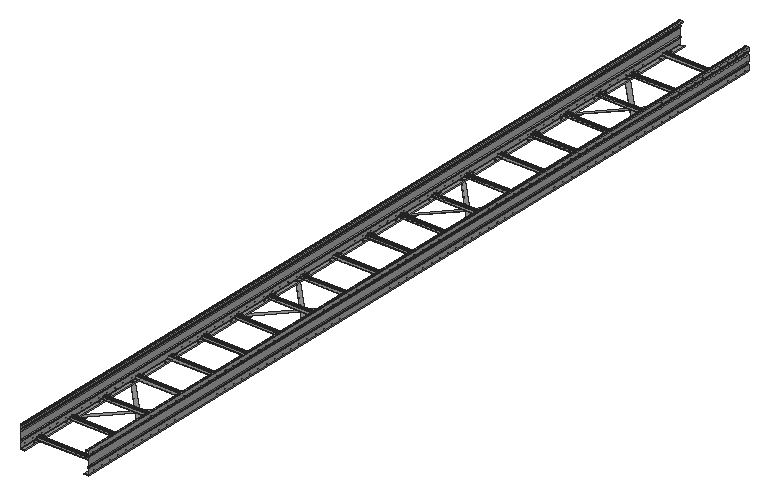
Revit family "Weitspannkabelleiter-WKLG 1650gelochter Seitenholm, FS,FT,FT SO,A4", category Generic Models, Revit 2017
Family settings
  Can host rebar = No
  Round Connector Dimension = Use Diameter
  Part Type = Normal
  Work Plane-Based = No
  Always vertical = Yes
  Cut with Voids When Loaded = No
  Shared = No
  Room Calculation Point = No
Parameters (values of type "WKLG 1650 FT")
  Width 1 = 500 mm / 2  # 250 mm
  Width = 500 mm
  URL = "http://www.obo-bettermann.com"
  Material = Hot-dip galvanised
  Manufacturer Art.No. = "6227155"
  Manufacturer = "OBO Bettermann"
  Length = 6000 mm
  Height 1 = 2 mm
  Height = 160 mm
  GTIN = "4012196169573"
  Cut's space 3 = 1500 mm
  Cut's space 2 = 300 mm
  Cut's space = 75 mm
  Cut's number 3 = Length / Cut's space 3  # 4
  Cut's number 2 = Length / Cut's space 2  # 20
  Cut's number = Length / Cut's space  # 80
  Article Type = "WKLG 1650 FT"
Reference planes
  plane 1 "Center (Front/Back)": y = 0
  plane 2: z = 0
  plane 3 "Center (Left/Right)": x = 0
  plane 4: z = 160
  plane 5: z = 122
  plane 6: z = 52
  plane 7: z = 122
  plane 8: z = 52
  plane 9: z = 64
  plane 10: z = 44.553
  plane 11: z = 159.999
  plane 12: y = 37.5
  plane 13: z = 139.999
  plane 14: z = 20
  plane 15: x = 248
  plane 16: x = 248
  plane 17: x = 248
  plane 18: x = 248
  plane 19: z = 15.499
  plane 20: z = 135.499
  plane 21: z = 135.499
  plane 22: z = 135.499
  plane 23: z = 135.499
  plane 24: z = 135.499
  plane 25: z = 135.499
  plane 26: z = 135.499
  plane 27: z = 135.499
  plane 28: z = 135.499
  plane 29: z = 135.499
  plane 30: z = 135.499
  plane 31: z = 135.499
  plane 32: z = 135.499
  plane 33: z = 135.499
  plane 34: z = 135.499
  plane 35: z = 135.499
  plane 36: z = 135.499
  plane 37: z = 135.499
  plane 38: z = 135.499
  plane 39: z = 135.499
  plane 40: z = 135.499
  plane 41: z = 135.499
  plane 42: z = 135.499
  plane 43: z = 135.499
  plane 44: z = 135.499
  plane 45: z = 135.499
  plane 46: z = 135.499
  plane 47: z = 135.499
  plane 48: z = 135.499
  plane 49: z = 135.499
  plane 50: z = 135.499
  plane 51: z = 135.499
  plane 52: z = 135.499
  plane 53: z = 135.499
  plane 54: z = 135.499
  plane 55: z = 135.499
  plane 56: z = 135.499
  plane 57: z = 135.499
  plane 58: z = 135.499
  plane 59: z = 135.499
  plane 60: z = 135.499
  plane 61: z = 135.499
  plane 62: z = 135.499
  plane 63: z = 135.499
  plane 64: z = 135.499
  plane 65: z = 135.499
  plane 66: z = 135.499
  plane 67: z = 135.499
  plane 68: z = 135.499
  plane 69: z = 135.499
  plane 70: z = 135.499
  plane 71: z = 135.499
  plane 72: z = 135.499
  plane 73: z = 135.499
  plane 74: z = 135.499
  plane 75: z = 135.499
  plane 76: z = 135.499
  plane 77: z = 135.499
  plane 78: z = 135.499
  plane 79: z = 135.499
  plane 80: z = 135.499
  plane 81: z = 135.499
  plane 82: z = 135.499
  plane 83: z = 135.499
  plane 84: z = 135.499
  plane 85: z = 135.499
  plane 86: z = 135.499
  plane 87: z = 135.499
  plane 88: z = 135.499
  plane 89: z = 135.499
  plane 90: z = 135.499
  plane 91: z = 135.499
  plane 92: z = 135.499
  plane 93: z = 135.499
  plane 94: z = 135.499
  plane 95: z = 135.499
  plane 96: z = 135.499
  plane 97: z = 135.499
  plane 98: z = 135.499
  plane 99: z = 135.499
  plane 100: z = 15.499
  plane 101: z = 15.499
  plane 102: z = 15.499
  plane 103: z = 15.499
  plane 104: z = 15.499
  plane 105: z = 15.499
  plane 106: z = 15.499
  plane 107: z = 15.499
  plane 108: z = 15.499
  plane 109: z = 15.499
  plane 110: z = 15.499
  plane 111: z = 15.499
  plane 112: z = 15.499
  plane 113: z = 15.499
  plane 114: z = 15.499
  plane 115: z = 15.499
  plane 116: z = 15.499
  plane 117: z = 15.499
  plane 118: z = 15.499
  plane 119: z = 15.499
  plane 120: z = 15.499
  plane 121: z = 15.499
  plane 122: z = 15.499
  plane 123: z = 15.499
  plane 124: z = 15.499
  plane 125: z = 15.499
  plane 126: z = 15.499
  plane 127: z = 15.499
  plane 128: z = 15.499
  plane 129: z = 15.499
  plane 130: z = 15.499
  plane 131: z = 15.499
  plane 132: z = 15.499
  plane 133: z = 15.499
  plane 134: z = 15.499
  plane 135: z = 15.499
  plane 136: z = 15.499
  plane 137: z = 15.499
  plane 138: z = 15.499
  plane 139: z = 15.499
  plane 140: z = 15.499
  plane 141: z = 15.499
  plane 142: z = 15.499
  plane 143: z = 15.499
  plane 144: z = 15.499
  plane 145: z = 15.499
  plane 146: z = 15.499
  plane 147: z = 15.499
  plane 148: z = 15.499
  plane 149: z = 15.499
  plane 150: z = 15.499
  plane 151: z = 15.499
  plane 152: z = 15.499
  plane 153: z = 15.499
  plane 154: z = 15.499
  plane 155: z = 15.499
  plane 156: z = 15.499
  plane 157: z = 15.499
  plane 158: z = 15.499
  plane 159: z = 15.499
  plane 160: z = 15.499
  plane 161: z = 15.499
  plane 162: z = 15.499
  plane 163: z = 15.499
  plane 164: z = 15.499
  plane 165: z = 15.499
  plane 166: z = 15.499
  plane 167: z = 15.499
  plane 168: z = 15.499
  plane 169: z = 15.499
  plane 170: z = 15.499
  plane 171: z = 15.499
  plane 172: z = 15.499
  plane 173: z = 15.499
  plane 174: z = 15.499
  plane 175: z = 15.499
  plane 176: z = 15.499
  plane 177: z = 15.499
  plane 178: z = 15.499
  plane 179: y = 150.088
  plane 180: y = 450.088
  plane 181: z = 20
  plane 182: x = 250
  plane 183: x = 272.826
  plane 184: y = 100.088
  plane 185: y = 200.088
  plane 186: x = -232
  plane 187: x = -234.5
  plane 188: x = -229.5
  plane 189: x = -234.5
  plane 190: x = -234.5
  plane 191: x = -234.5
  plane 192: x = -234.5
  plane 193: x = -234.5
  plane 194: x = -234.5
  plane 195: x = -234.5
  plane 196: x = -234.5
  plane 197: x = -234.5
  plane 198: x = -234.5
  plane 199: x = -234.5
  plane 200: x = -234.5
  plane 201: x = -234.5
  plane 202: x = -234.5
  plane 203: x = -234.5
  plane 204: x = -234.5
  plane 205: x = -234.5
  plane 206: x = -234.5
  plane 207: x = -234.5
  plane 208: y = 100.088
  plane 209: x = 232
  plane 210: x = 234.5
  plane 211: x = 234.5
  plane 212: x = 234.5
  plane 213: x = 234.5
  plane 214: x = 234.5
  plane 215: x = 234.5
  plane 216: x = 234.5
  plane 217: x = 234.5
  plane 218: x = 234.5
  plane 219: x = 234.5
  plane 220: x = 234.5
  plane 221: x = 234.5
  plane 222: x = 234.5
  plane 223: x = 234.5
  plane 224: x = 234.5
  plane 225: x = 234.5
  plane 226: x = 234.5
  plane 227: x = 234.5
  plane 228: x = 234.5
  plane 229: x = 234.5
  plane 230: x = -232
  plane 231: x = -234.5
  plane 232: x = -234.5
  plane 233: x = -234.5
  plane 234: x = -234.5
  plane 235: x = -234.5
  plane 236: x = -234.5
  plane 237: x = -234.5
  plane 238: x = -234.5
  plane 239: x = -234.5
  plane 240: x = -234.5
  plane 241: x = -234.5
  plane 242: x = -234.5
  plane 243: x = -234.5
  plane 244: x = -234.5
  plane 245: x = -234.5
  plane 246: x = -234.5
  plane 247: x = -234.5
  plane 248: x = -234.5
  plane 249: x = -234.5
  plane 250: x = -234.5
  plane 251: y = 200.088
  plane 252: x = 232
  plane 253: x = 234.5
  plane 254: x = 234.5
  plane 255: x = 234.5
  plane 256: x = 234.5
  plane 257: x = 234.5
  plane 258: x = 234.5
  plane 259: x = 234.5
  plane 260: x = 234.5
  plane 261: x = 234.5
  plane 262: x = 234.5
  plane 263: x = 234.5
  plane 264: x = 234.5
  plane 265: x = 234.5
  plane 266: x = 234.5
  plane 267: x = 234.5
  plane 268: x = 234.5
  plane 269: x = 234.5
  plane 270: x = 234.5
  plane 271: x = 234.5
  plane 272: x = 234.5
  plane 273: x = -237.5
  plane 274: x = -207.5
  plane 275: x = 237.5
  plane 276: x = 207.5
  plane 277: x = 210.884
  plane 278: x = 240.25
  plane 279: x = -234.75
  plane 280: x = -204
  plane 281: x = -207.5
  plane 282: x = 237.5
  plane 283: x = 207.5
  plane 284: x = 210.884
  plane 285: x = 240.25
  plane 286: x = -234.75
  plane 287: x = -204
  plane 288: x = -207.5
  plane 289: x = 237.5
  plane 290: x = 207.5
  plane 291: x = 210.884
  plane 292: x = 240.25
  plane 293: x = -234.75
  plane 294: x = -204
  plane 295: x = -207.5
  plane 296: x = 237.5
  plane 297: x = 207.5
  plane 298: x = 210.884
  plane 299: x = 240.25
  plane 300: x = -234.75
  plane 301: x = -204
  plane 302: x = -207.5
  plane 303: x = 237.5
  plane 304: x = 207.5
  plane 305: x = 210.884
  plane 306: x = 240.25
  plane 307: x = -234.75
  plane 308: x = -204
  plane 309: x = -207.5
  plane 310: x = 237.5
  plane 311: x = 207.5
  plane 312: x = 210.884
  plane 313: x = 240.25
  plane 314: x = -234.75
  plane 315: x = -204
  plane 316: x = -207.5
  plane 317: x = 237.5
  plane 318: x = 207.5
  plane 319: x = 210.884
  plane 320: x = 240.25
  plane 321: x = -234.75
  plane 322: x = -204
  plane 323: x = -207.5
  plane 324: x = 237.5
  plane 325: x = 207.5
  plane 326: x = 210.884
  plane 327: x = 240.25
  plane 328: x = -234.75
  plane 329: x = -204
  plane 330: x = -207.5
  plane 331: x = 237.5
  plane 332: x = 207.5
  plane 333: x = 210.884
  plane 334: x = 240.25
  plane 335: x = -234.75
  plane 336: x = -204
  plane 337: x = -207.5
  plane 338: x = 237.5
  plane 339: x = 207.5
  plane 340: x = 210.884
  plane 341: x = 240.25
  plane 342: x = -234.75
  plane 343: x = -204
  plane 344: x = -207.5
  plane 345: x = 237.5
  plane 346: x = 207.5
  plane 347: x = 210.884
  plane 348: x = 240.25
  plane 349: x = -234.75
  plane 350: x = -204
  plane 351: x = -207.5
  plane 352: x = 237.5
  plane 353: x = 207.5
  plane 354: x = 210.884
  plane 355: x = 240.25
  plane 356: x = -234.75
  plane 357: x = -204
  plane 358: x = -207.5
  plane 359: x = 237.5
  plane 360: x = 207.5
  plane 361: x = 210.884
  plane 362: x = 240.25
  plane 363: x = -234.75
  plane 364: x = -204
  plane 365: x = -207.5
  plane 366: x = 237.5
  plane 367: x = 207.5
  plane 368: x = 210.884
  plane 369: x = 240.25
  plane 370: x = -234.75
  plane 371: x = -204
  plane 372: x = -207.5
  plane 373: x = 237.5
  plane 374: x = 207.5
  plane 375: x = 210.884
  plane 376: x = 240.25
  plane 377: x = -234.75
  plane 378: x = -204
  plane 379: x = -207.5
  plane 380: x = 237.5
  plane 381: x = 207.5
  plane 382: x = 210.884
  plane 383: x = 240.25
  plane 384: x = -234.75
  plane 385: x = -204
  plane 386: x = -207.5
  plane 387: x = 237.5
  plane 388: x = 207.5
  plane 389: x = 210.884
  plane 390: x = 240.25
  plane 391: x = -234.75
  plane 392: x = -204
  plane 393: x = -207.5
  plane 394: x = 237.5
  plane 395: x = 207.5
  plane 396: x = 210.884
  plane 397: x = 240.25
  plane 398: x = -234.75
  plane 399: x = -204
  plane 400: x = -207.5
  plane 401: x = 237.5
  plane 402: x = 207.5
  plane 403: x = 210.884
  plane 404: x = 240.25
  plane 405: x = -234.75
  plane 406: x = -204
  plane 407: x = -207.5
  plane 408: x = 237.5
  plane 409: x = 207.5
  plane 410: x = 210.884
  plane 411: x = 240.25
  plane 412: x = -234.75
  plane 413: x = -204
Forms (mm)
  Extrusion 1, solid, material "Hot-dip galvanised" <- "Material"
    sketch origin (0, 0, 0) x (1, 0, 0) y (0, 0, 1)
      loop
        line (-250, 158) -> (-250, 129.733)
        arc (-250, 129.733) -> (-249.848, 128.968) -> (-249.414, 128.319) r 2
        line (-249.414, 128.319) -> (-246.092, 124.997)
        arc (-246.092, 124.997) -> (-244.644, 121.872) -> (-245.561, 118.553) r 5
        line (-245.561, 118.553) -> (-249.627, 112.867)
        arc (-249.627, 112.867) -> (-249.904, 112.315) -> (-250, 111.704) r 2
        line (-250, 111.704) -> (-250, 64.443)
        arc (-250, 64.443) -> (-249.953, 64.011) -> (-249.813, 63.598) r 2
        line (-249.813, 63.598) -> (-245.672, 54.719)
        arc (-245.672, 54.719) -> (-245.231, 52.086) -> (-246.206, 49.602) r 5
        line (-246.206, 49.602) -> (-249.599, 45.087)
        arc (-249.599, 45.087) -> (-249.897, 44.518) -> (-250, 43.885) r 2
        line (-250, 43.885) -> (-250, 3)
        arc (-250, 3) -> (-249.121, 0.879) -> (-247, 0) r 3
        line (-247, 0) -> (-215, 0) -> (-215, 2) -> (-246.5, 2)
        arc (-246.5, 2) -> (-247.561, 2.439) -> (-248, 3.5) r 1.5
        line (-248, 3.5) -> (-248, 43.217)
        arc (-248, 43.217) -> (-247.897, 43.851) -> (-247.599, 44.419) r 2
        line (-247.599, 44.419) -> (-244.607, 48.401)
        arc (-244.607, 48.401) -> (-243.241, 51.879) -> (-243.859, 55.564) r 7
        line (-243.859, 55.564) -> (-247.813, 64.042)
        arc (-247.813, 64.042) -> (-247.953, 64.454) -> (-248, 64.887) r 2
        line (-248, 64.887) -> (-248, 111.062)
        arc (-248, 111.062) -> (-247.904, 111.673) -> (-247.627, 112.226) r 2
        line (-247.627, 112.226) -> (-243.934, 117.389)
        arc (-243.934, 117.389) -> (-242.651, 122.037) -> (-244.678, 126.411) r 7
        line (-244.678, 126.411) -> (-247.414, 129.147)
        arc (-247.414, 129.147) -> (-247.848, 129.796) -> (-248, 130.562) r 2
        line (-248, 130.562) -> (-248, 156.5)
        arc (-248, 156.5) -> (-247.561, 157.561) -> (-246.5, 158) r 1.5
        line (-246.5, 158) -> (-233.5, 158)
        arc (-233.5, 158) -> (-232.439, 157.561) -> (-232, 156.5) r 1.5
        line (-232, 156.5) -> (-232, 150) -> (-230, 150) -> (-230, 158)
        arc (-230, 158) -> (-230.586, 159.414) -> (-232, 160) r 2
        line (-232, 160) -> (-248, 160)
        arc (-248, 160) -> (-249.414, 159.414) -> (-250, 158) r 2
      loop
        arc (250, 158) -> (249.414, 159.414) -> (248, 160) r 2
        line (248, 160) -> (232, 160)
        arc (232, 160) -> (230.586, 159.414) -> (230, 158) r 2
        line (230, 158) -> (230, 150) -> (232, 150) -> (232, 156.5)
        arc (232, 156.5) -> (232.439, 157.561) -> (233.5, 158) r 1.5
        line (233.5, 158) -> (246.5, 158)
        arc (246.5, 158) -> (247.561, 157.561) -> (248, 156.5) r 1.5
        line (248, 156.5) -> (248, 132.193)
        arc (248, 132.193) -> (247.848, 131.427) -> (247.414, 130.779) r 2
        line (247.414, 130.779) -> (243.585, 126.95)
        arc (243.585, 126.95) -> (241.535, 122) -> (243.585, 117.05) r 7
        line (243.585, 117.05) -> (247.414, 113.221)
        arc (247.414, 113.221) -> (247.848, 112.573) -> (248, 111.807) r 2
        line (248, 111.807) -> (248, 64.536)
        arc (248, 64.536) -> (247.932, 64.018) -> (247.732, 63.536) r 2
        line (247.732, 63.536) -> (243.567, 56.323)
        arc (243.567, 56.323) -> (242.69, 51.909) -> (244.68, 47.873) r 7
        line (244.68, 47.873) -> (247.414, 45.139)
        arc (247.414, 45.139) -> (247.848, 44.49) -> (248, 43.724) r 2
        line (248, 43.724) -> (248, 3.5)
        arc (248, 3.5) -> (247.561, 2.439) -> (246.5, 2) r 1.5
        line (246.5, 2) -> (215, 2) -> (215, 0) -> (247, 0)
        arc (247, 0) -> (249.121, 0.879) -> (250, 3) r 3
        line (250, 3) -> (250, 44.553)
        arc (250, 44.553) -> (249.848, 45.318) -> (249.414, 45.967) r 2
        line (249.414, 45.967) -> (246.094, 49.287)
        arc (246.094, 49.287) -> (244.672, 52.17) -> (245.3, 55.323) r 5
        line (245.3, 55.323) -> (249.732, 63)
        arc (249.732, 63) -> (249.932, 63.482) -> (250, 64) r 2
        line (250, 64) -> (250, 112.429)
        arc (250, 112.429) -> (249.81, 113.385) -> (249.268, 114.196) r 2.5
        line (249.268, 114.196) -> (245, 118.464)
        arc (245, 118.464) -> (243.535, 122) -> (245, 125.536) r 5
        line (245, 125.536) -> (249.414, 129.95)
        arc (249.414, 129.95) -> (249.848, 130.599) -> (250, 131.364) r 2
        line (250, 131.364) -> (250, 158)
    from -6000 to 0
  Extrusion 2, void
    sketch origin (0, 0, 0) x (0, 1, 0) y (0, 0, 1)
      loop
        line (49.5, 144.499) -> (25.5, 144.499)
        arc (25.5, 144.499) -> (25.146, 144.352) -> (25, 143.999) r 0.5
        line (25, 143.999) -> (25, 135.999)
        arc (25, 135.999) -> (25.146, 135.645) -> (25.5, 135.499) r 0.5
        line (25.5, 135.499) -> (49.5, 135.499)
        arc (49.5, 135.499) -> (49.854, 135.645) -> (50, 135.999) r 0.5
        line (50, 135.999) -> (50, 143.999)
        arc (50, 143.999) -> (49.854, 144.352) -> (49.5, 144.499) r 0.5
    from -250 to -248
  Extrusion 3, void
    sketch origin (0, 0, -120) x (0, 1, 0) y (0, 0, 1)
      loop
        arc (25.5, 144.499) -> (25.146, 144.352) -> (25, 143.999) r 0.5
        line (25, 143.999) -> (25, 135.999)
        arc (25, 135.999) -> (25.146, 135.645) -> (25.5, 135.499) r 0.5
        line (25.5, 135.499) -> (49.5, 135.499)
        arc (49.5, 135.499) -> (49.854, 135.645) -> (50, 135.999) r 0.5
        line (50, 135.999) -> (50, 143.999)
        arc (50, 143.999) -> (49.854, 144.352) -> (49.5, 144.499) r 0.5
        line (49.5, 144.499) -> (25.5, 144.499)
    from 248 to 250
  Extrusion 4, void
    sketch origin (0, 75, 0) x (0, 1, 0) y (0, 0, 1)
      loop
        line (49.5, 144.499) -> (25.5, 144.499)
        arc (25.5, 144.499) -> (25.146, 144.352) -> (25, 143.999) r 0.5
        line (25, 143.999) -> (25, 135.999)
        arc (25, 135.999) -> (25.146, 135.645) -> (25.5, 135.499) r 0.5
        line (25.5, 135.499) -> (49.5, 135.499)
        arc (49.5, 135.499) -> (49.854, 135.645) -> (50, 135.999) r 0.5
        line (50, 135.999) -> (50, 143.999)
        arc (50, 143.999) -> (49.854, 144.352) -> (49.5, 144.499) r 0.5
    from -250 to -248
  Extrusion 5, void
    sketch origin (0, 150, 0) x (0, 1, 0) y (0, 0, 1)
      loop
        line (49.5, 144.499) -> (25.5, 144.499)
        arc (25.5, 144.499) -> (25.146, 144.352) -> (25, 143.999) r 0.5
        line (25, 143.999) -> (25, 135.999)
        arc (25, 135.999) -> (25.146, 135.645) -> (25.5, 135.499) r 0.5
        line (25.5, 135.499) -> (49.5, 135.499)
        arc (49.5, 135.499) -> (49.854, 135.645) -> (50, 135.999) r 0.5
        line (50, 135.999) -> (50, 143.999)
        arc (50, 143.999) -> (49.854, 144.352) -> (49.5, 144.499) r 0.5
    from -250 to -248
  Extrusion 6, void
    sketch origin (0, 225, 0) x (0, 1, 0) y (0, 0, 1)
      loop
        line (49.5, 144.499) -> (25.5, 144.499)
        arc (25.5, 144.499) -> (25.146, 144.352) -> (25, 143.999) r 0.5
        line (25, 143.999) -> (25, 135.999)
        arc (25, 135.999) -> (25.146, 135.645) -> (25.5, 135.499) r 0.5
        line (25.5, 135.499) -> (49.5, 135.499)
        arc (49.5, 135.499) -> (49.854, 135.645) -> (50, 135.999) r 0.5
        line (50, 135.999) -> (50, 143.999)
        arc (50, 143.999) -> (49.854, 144.352) -> (49.5, 144.499) r 0.5
    from -250 to -248
  Extrusion 7, void
    sketch origin (0, 300, 0) x (0, 1, 0) y (0, 0, 1)
      loop
        line (49.5, 144.499) -> (25.5, 144.499)
        arc (25.5, 144.499) -> (25.146, 144.352) -> (25, 143.999) r 0.5
        line (25, 143.999) -> (25, 135.999)
        arc (25, 135.999) -> (25.146, 135.645) -> (25.5, 135.499) r 0.5
        line (25.5, 135.499) -> (49.5, 135.499)
        arc (49.5, 135.499) -> (49.854, 135.645) -> (50, 135.999) r 0.5
        line (50, 135.999) -> (50, 143.999)
        arc (50, 143.999) -> (49.854, 144.352) -> (49.5, 144.499) r 0.5
    from -250 to -248
  Extrusion 8, void
    sketch origin (0, 375, 0) x (0, 1, 0) y (0, 0, 1)
      loop
        line (49.5, 144.499) -> (25.5, 144.499)
        arc (25.5, 144.499) -> (25.146, 144.352) -> (25, 143.999) r 0.5
        line (25, 143.999) -> (25, 135.999)
        arc (25, 135.999) -> (25.146, 135.645) -> (25.5, 135.499) r 0.5
        line (25.5, 135.499) -> (49.5, 135.499)
        arc (49.5, 135.499) -> (49.854, 135.645) -> (50, 135.999) r 0.5
        line (50, 135.999) -> (50, 143.999)
        arc (50, 143.999) -> (49.854, 144.352) -> (49.5, 144.499) r 0.5
    from -250 to -248
  Extrusion 9, void
    sketch origin (0, 450, 0) x (0, 1, 0) y (0, 0, 1)
      loop
        line (49.5, 144.499) -> (25.5, 144.499)
        arc (25.5, 144.499) -> (25.146, 144.352) -> (25, 143.999) r 0.5
        line (25, 143.999) -> (25, 135.999)
        arc (25, 135.999) -> (25.146, 135.645) -> (25.5, 135.499) r 0.5
        line (25.5, 135.499) -> (49.5, 135.499)
        arc (49.5, 135.499) -> (49.854, 135.645) -> (50, 135.999) r 0.5
        line (50, 135.999) -> (50, 143.999)
        arc (50, 143.999) -> (49.854, 144.352) -> (49.5, 144.499) r 0.5
    from -250 to -248
  Extrusion 10, void
    sketch origin (0, 525, 0) x (0, 1, 0) y (0, 0, 1)
      loop
        line (49.5, 144.499) -> (25.5, 144.499)
        arc (25.5, 144.499) -> (25.146, 144.352) -> (25, 143.999) r 0.5
        line (25, 143.999) -> (25, 135.999)
        arc (25, 135.999) -> (25.146, 135.645) -> (25.5, 135.499) r 0.5
        line (25.5, 135.499) -> (49.5, 135.499)
        arc (49.5, 135.499) -> (49.854, 135.645) -> (50, 135.999) r 0.5
        line (50, 135.999) -> (50, 143.999)
        arc (50, 143.999) -> (49.854, 144.352) -> (49.5, 144.499) r 0.5
    from -250 to -248
  Extrusion 11, void
    sketch origin (0, 600, 0) x (0, 1, 0) y (0, 0, 1)
      loop
        line (49.5, 144.499) -> (25.5, 144.499)
        arc (25.5, 144.499) -> (25.146, 144.352) -> (25, 143.999) r 0.5
        line (25, 143.999) -> (25, 135.999)
        arc (25, 135.999) -> (25.146, 135.645) -> (25.5, 135.499) r 0.5
        line (25.5, 135.499) -> (49.5, 135.499)
        arc (49.5, 135.499) -> (49.854, 135.645) -> (50, 135.999) r 0.5
        line (50, 135.999) -> (50, 143.999)
        arc (50, 143.999) -> (49.854, 144.352) -> (49.5, 144.499) r 0.5
    from -250 to -248
  Extrusion 12, void
    sketch origin (0, 675, 0) x (0, 1, 0) y (0, 0, 1)
      loop
        line (49.5, 144.499) -> (25.5, 144.499)
        arc (25.5, 144.499) -> (25.146, 144.352) -> (25, 143.999) r 0.5
        line (25, 143.999) -> (25, 135.999)
        arc (25, 135.999) -> (25.146, 135.645) -> (25.5, 135.499) r 0.5
        line (25.5, 135.499) -> (49.5, 135.499)
        arc (49.5, 135.499) -> (49.854, 135.645) -> (50, 135.999) r 0.5
        line (50, 135.999) -> (50, 143.999)
        arc (50, 143.999) -> (49.854, 144.352) -> (49.5, 144.499) r 0.5
    from -250 to -248
  Extrusion 13, void
    sketch origin (0, 750, 0) x (0, 1, 0) y (0, 0, 1)
      loop
        line (49.5, 144.499) -> (25.5, 144.499)
        arc (25.5, 144.499) -> (25.146, 144.352) -> (25, 143.999) r 0.5
        line (25, 143.999) -> (25, 135.999)
        arc (25, 135.999) -> (25.146, 135.645) -> (25.5, 135.499) r 0.5
        line (25.5, 135.499) -> (49.5, 135.499)
        arc (49.5, 135.499) -> (49.854, 135.645) -> (50, 135.999) r 0.5
        line (50, 135.999) -> (50, 143.999)
        arc (50, 143.999) -> (49.854, 144.352) -> (49.5, 144.499) r 0.5
    from -250 to -248
  Extrusion 14, void
    sketch origin (0, 825, 0) x (0, 1, 0) y (0, 0, 1)
      loop
        line (49.5, 144.499) -> (25.5, 144.499)
        arc (25.5, 144.499) -> (25.146, 144.352) -> (25, 143.999) r 0.5
        line (25, 143.999) -> (25, 135.999)
        arc (25, 135.999) -> (25.146, 135.645) -> (25.5, 135.499) r 0.5
        line (25.5, 135.499) -> (49.5, 135.499)
        arc (49.5, 135.499) -> (49.854, 135.645) -> (50, 135.999) r 0.5
        line (50, 135.999) -> (50, 143.999)
        arc (50, 143.999) -> (49.854, 144.352) -> (49.5, 144.499) r 0.5
    from -250 to -248
  Extrusion 15, void
    sketch origin (0, 900, 0) x (0, 1, 0) y (0, 0, 1)
      loop
        line (49.5, 144.499) -> (25.5, 144.499)
        arc (25.5, 144.499) -> (25.146, 144.352) -> (25, 143.999) r 0.5
        line (25, 143.999) -> (25, 135.999)
        arc (25, 135.999) -> (25.146, 135.645) -> (25.5, 135.499) r 0.5
        line (25.5, 135.499) -> (49.5, 135.499)
        arc (49.5, 135.499) -> (49.854, 135.645) -> (50, 135.999) r 0.5
        line (50, 135.999) -> (50, 143.999)
        arc (50, 143.999) -> (49.854, 144.352) -> (49.5, 144.499) r 0.5
    from -250 to -248
  Extrusion 16, void
    sketch origin (0, 975, 0) x (0, 1, 0) y (0, 0, 1)
      loop
        line (49.5, 144.499) -> (25.5, 144.499)
        arc (25.5, 144.499) -> (25.146, 144.352) -> (25, 143.999) r 0.5
        line (25, 143.999) -> (25, 135.999)
        arc (25, 135.999) -> (25.146, 135.645) -> (25.5, 135.499) r 0.5
        line (25.5, 135.499) -> (49.5, 135.499)
        arc (49.5, 135.499) -> (49.854, 135.645) -> (50, 135.999) r 0.5
        line (50, 135.999) -> (50, 143.999)
        arc (50, 143.999) -> (49.854, 144.352) -> (49.5, 144.499) r 0.5
    from -250 to -248
  Extrusion 17, void
    sketch origin (0, 1050, 0) x (0, 1, 0) y (0, 0, 1)
      loop
        line (49.5, 144.499) -> (25.5, 144.499)
        arc (25.5, 144.499) -> (25.146, 144.352) -> (25, 143.999) r 0.5
        line (25, 143.999) -> (25, 135.999)
        arc (25, 135.999) -> (25.146, 135.645) -> (25.5, 135.499) r 0.5
        line (25.5, 135.499) -> (49.5, 135.499)
        arc (49.5, 135.499) -> (49.854, 135.645) -> (50, 135.999) r 0.5
        line (50, 135.999) -> (50, 143.999)
        arc (50, 143.999) -> (49.854, 144.352) -> (49.5, 144.499) r 0.5
    from -250 to -248
  Extrusion 18, void
    sketch origin (0, 1125, 0) x (0, 1, 0) y (0, 0, 1)
      loop
        line (49.5, 144.499) -> (25.5, 144.499)
        arc (25.5, 144.499) -> (25.146, 144.352) -> (25, 143.999) r 0.5
        line (25, 143.999) -> (25, 135.999)
        arc (25, 135.999) -> (25.146, 135.645) -> (25.5, 135.499) r 0.5
        line (25.5, 135.499) -> (49.5, 135.499)
        arc (49.5, 135.499) -> (49.854, 135.645) -> (50, 135.999) r 0.5
        line (50, 135.999) -> (50, 143.999)
        arc (50, 143.999) -> (49.854, 144.352) -> (49.5, 144.499) r 0.5
    from -250 to -248
  Extrusion 19, void
    sketch origin (0, 1200, 0) x (0, 1, 0) y (0, 0, 1)
      loop
        line (49.5, 144.499) -> (25.5, 144.499)
        arc (25.5, 144.499) -> (25.146, 144.352) -> (25, 143.999) r 0.5
        line (25, 143.999) -> (25, 135.999)
        arc (25, 135.999) -> (25.146, 135.645) -> (25.5, 135.499) r 0.5
        line (25.5, 135.499) -> (49.5, 135.499)
        arc (49.5, 135.499) -> (49.854, 135.645) -> (50, 135.999) r 0.5
        line (50, 135.999) -> (50, 143.999)
        arc (50, 143.999) -> (49.854, 144.352) -> (49.5, 144.499) r 0.5
    from -250 to -248
  Extrusion 20, void
    sketch origin (0, 1275, 0) x (0, 1, 0) y (0, 0, 1)
      loop
        line (49.5, 144.499) -> (25.5, 144.499)
        arc (25.5, 144.499) -> (25.146, 144.352) -> (25, 143.999) r 0.5
        line (25, 143.999) -> (25, 135.999)
        arc (25, 135.999) -> (25.146, 135.645) -> (25.5, 135.499) r 0.5
        line (25.5, 135.499) -> (49.5, 135.499)
        arc (49.5, 135.499) -> (49.854, 135.645) -> (50, 135.999) r 0.5
        line (50, 135.999) -> (50, 143.999)
        arc (50, 143.999) -> (49.854, 144.352) -> (49.5, 144.499) r 0.5
    from -250 to -248
  Extrusion 21, void
    sketch origin (0, 1350, 0) x (0, 1, 0) y (0, 0, 1)
      loop
        line (49.5, 144.499) -> (25.5, 144.499)
        arc (25.5, 144.499) -> (25.146, 144.352) -> (25, 143.999) r 0.5
        line (25, 143.999) -> (25, 135.999)
        arc (25, 135.999) -> (25.146, 135.645) -> (25.5, 135.499) r 0.5
        line (25.5, 135.499) -> (49.5, 135.499)
        arc (49.5, 135.499) -> (49.854, 135.645) -> (50, 135.999) r 0.5
        line (50, 135.999) -> (50, 143.999)
        arc (50, 143.999) -> (49.854, 144.352) -> (49.5, 144.499) r 0.5
    from -250 to -248
  Extrusion 22, void
    sketch origin (0, 1425, 0) x (0, 1, 0) y (0, 0, 1)
      loop
        line (49.5, 144.499) -> (25.5, 144.499)
        arc (25.5, 144.499) -> (25.146, 144.352) -> (25, 143.999) r 0.5
        line (25, 143.999) -> (25, 135.999)
        arc (25, 135.999) -> (25.146, 135.645) -> (25.5, 135.499) r 0.5
        line (25.5, 135.499) -> (49.5, 135.499)
        arc (49.5, 135.499) -> (49.854, 135.645) -> (50, 135.999) r 0.5
        line (50, 135.999) -> (50, 143.999)
        arc (50, 143.999) -> (49.854, 144.352) -> (49.5, 144.499) r 0.5
    from -250 to -248
  Extrusion 23, void
    sketch origin (0, 1500, 0) x (0, 1, 0) y (0, 0, 1)
      loop
        line (49.5, 144.499) -> (25.5, 144.499)
        arc (25.5, 144.499) -> (25.146, 144.352) -> (25, 143.999) r 0.5
        line (25, 143.999) -> (25, 135.999)
        arc (25, 135.999) -> (25.146, 135.645) -> (25.5, 135.499) r 0.5
        line (25.5, 135.499) -> (49.5, 135.499)
        arc (49.5, 135.499) -> (49.854, 135.645) -> (50, 135.999) r 0.5
        line (50, 135.999) -> (50, 143.999)
        arc (50, 143.999) -> (49.854, 144.352) -> (49.5, 144.499) r 0.5
    from -250 to -248
  Extrusion 24, void
    sketch origin (0, 1575, 0) x (0, 1, 0) y (0, 0, 1)
      loop
        line (49.5, 144.499) -> (25.5, 144.499)
        arc (25.5, 144.499) -> (25.146, 144.352) -> (25, 143.999) r 0.5
        line (25, 143.999) -> (25, 135.999)
        arc (25, 135.999) -> (25.146, 135.645) -> (25.5, 135.499) r 0.5
        line (25.5, 135.499) -> (49.5, 135.499)
        arc (49.5, 135.499) -> (49.854, 135.645) -> (50, 135.999) r 0.5
        line (50, 135.999) -> (50, 143.999)
        arc (50, 143.999) -> (49.854, 144.352) -> (49.5, 144.499) r 0.5
    from -250 to -248
  Extrusion 25, void
    sketch origin (0, 1650, 0) x (0, 1, 0) y (0, 0, 1)
      loop
        line (49.5, 144.499) -> (25.5, 144.499)
        arc (25.5, 144.499) -> (25.146, 144.352) -> (25, 143.999) r 0.5
        line (25, 143.999) -> (25, 135.999)
        arc (25, 135.999) -> (25.146, 135.645) -> (25.5, 135.499) r 0.5
        line (25.5, 135.499) -> (49.5, 135.499)
        arc (49.5, 135.499) -> (49.854, 135.645) -> (50, 135.999) r 0.5
        line (50, 135.999) -> (50, 143.999)
        arc (50, 143.999) -> (49.854, 144.352) -> (49.5, 144.499) r 0.5
    from -250 to -248
  Extrusion 26, void
    sketch origin (0, 1725, 0) x (0, 1, 0) y (0, 0, 1)
      loop
        line (49.5, 144.499) -> (25.5, 144.499)
        arc (25.5, 144.499) -> (25.146, 144.352) -> (25, 143.999) r 0.5
        line (25, 143.999) -> (25, 135.999)
        arc (25, 135.999) -> (25.146, 135.645) -> (25.5, 135.499) r 0.5
        line (25.5, 135.499) -> (49.5, 135.499)
        arc (49.5, 135.499) -> (49.854, 135.645) -> (50, 135.999) r 0.5
        line (50, 135.999) -> (50, 143.999)
        arc (50, 143.999) -> (49.854, 144.352) -> (49.5, 144.499) r 0.5
    from -250 to -248
  Extrusion 27, void
    sketch origin (0, 1800, 0) x (0, 1, 0) y (0, 0, 1)
      loop
        line (49.5, 144.499) -> (25.5, 144.499)
        arc (25.5, 144.499) -> (25.146, 144.352) -> (25, 143.999) r 0.5
        line (25, 143.999) -> (25, 135.999)
        arc (25, 135.999) -> (25.146, 135.645) -> (25.5, 135.499) r 0.5
        line (25.5, 135.499) -> (49.5, 135.499)
        arc (49.5, 135.499) -> (49.854, 135.645) -> (50, 135.999) r 0.5
        line (50, 135.999) -> (50, 143.999)
        arc (50, 143.999) -> (49.854, 144.352) -> (49.5, 144.499) r 0.5
    from -250 to -248
  Extrusion 28, void
    sketch origin (0, 1875, 0) x (0, 1, 0) y (0, 0, 1)
      loop
        line (49.5, 144.499) -> (25.5, 144.499)
        arc (25.5, 144.499) -> (25.146, 144.352) -> (25, 143.999) r 0.5
        line (25, 143.999) -> (25, 135.999)
        arc (25, 135.999) -> (25.146, 135.645) -> (25.5, 135.499) r 0.5
        line (25.5, 135.499) -> (49.5, 135.499)
        arc (49.5, 135.499) -> (49.854, 135.645) -> (50, 135.999) r 0.5
        line (50, 135.999) -> (50, 143.999)
        arc (50, 143.999) -> (49.854, 144.352) -> (49.5, 144.499) r 0.5
    from -250 to -248
  Extrusion 29, void
    sketch origin (0, 1950, 0) x (0, 1, 0) y (0, 0, 1)
      loop
        line (49.5, 144.499) -> (25.5, 144.499)
        arc (25.5, 144.499) -> (25.146, 144.352) -> (25, 143.999) r 0.5
        line (25, 143.999) -> (25, 135.999)
        arc (25, 135.999) -> (25.146, 135.645) -> (25.5, 135.499) r 0.5
        line (25.5, 135.499) -> (49.5, 135.499)
        arc (49.5, 135.499) -> (49.854, 135.645) -> (50, 135.999) r 0.5
        line (50, 135.999) -> (50, 143.999)
        arc (50, 143.999) -> (49.854, 144.352) -> (49.5, 144.499) r 0.5
    from -250 to -248
  Extrusion 30, void
    sketch origin (0, 2025, 0) x (0, 1, 0) y (0, 0, 1)
      loop
        line (49.5, 144.499) -> (25.5, 144.499)
        arc (25.5, 144.499) -> (25.146, 144.352) -> (25, 143.999) r 0.5
        line (25, 143.999) -> (25, 135.999)
        arc (25, 135.999) -> (25.146, 135.645) -> (25.5, 135.499) r 0.5
        line (25.5, 135.499) -> (49.5, 135.499)
        arc (49.5, 135.499) -> (49.854, 135.645) -> (50, 135.999) r 0.5
        line (50, 135.999) -> (50, 143.999)
        arc (50, 143.999) -> (49.854, 144.352) -> (49.5, 144.499) r 0.5
    from -250 to -248
  Extrusion 31, void
    sketch origin (0, 2100, 0) x (0, 1, 0) y (0, 0, 1)
      loop
        line (49.5, 144.499) -> (25.5, 144.499)
        arc (25.5, 144.499) -> (25.146, 144.352) -> (25, 143.999) r 0.5
        line (25, 143.999) -> (25, 135.999)
        arc (25, 135.999) -> (25.146, 135.645) -> (25.5, 135.499) r 0.5
        line (25.5, 135.499) -> (49.5, 135.499)
        arc (49.5, 135.499) -> (49.854, 135.645) -> (50, 135.999) r 0.5
        line (50, 135.999) -> (50, 143.999)
        arc (50, 143.999) -> (49.854, 144.352) -> (49.5, 144.499) r 0.5
    from -250 to -248
  Extrusion 32, void
    sketch origin (0, 2175, 0) x (0, 1, 0) y (0, 0, 1)
      loop
        line (49.5, 144.499) -> (25.5, 144.499)
        arc (25.5, 144.499) -> (25.146, 144.352) -> (25, 143.999) r 0.5
        line (25, 143.999) -> (25, 135.999)
        arc (25, 135.999) -> (25.146, 135.645) -> (25.5, 135.499) r 0.5
        line (25.5, 135.499) -> (49.5, 135.499)
        arc (49.5, 135.499) -> (49.854, 135.645) -> (50, 135.999) r 0.5
        line (50, 135.999) -> (50, 143.999)
        arc (50, 143.999) -> (49.854, 144.352) -> (49.5, 144.499) r 0.5
    from -250 to -248
  Extrusion 33, void
    sketch origin (0, 2250, 0) x (0, 1, 0) y (0, 0, 1)
      loop
        line (49.5, 144.499) -> (25.5, 144.499)
        arc (25.5, 144.499) -> (25.146, 144.352) -> (25, 143.999) r 0.5
        line (25, 143.999) -> (25, 135.999)
        arc (25, 135.999) -> (25.146, 135.645) -> (25.5, 135.499) r 0.5
        line (25.5, 135.499) -> (49.5, 135.499)
        arc (49.5, 135.499) -> (49.854, 135.645) -> (50, 135.999) r 0.5
        line (50, 135.999) -> (50, 143.999)
        arc (50, 143.999) -> (49.854, 144.352) -> (49.5, 144.499) r 0.5
    from -250 to -248
  Extrusion 34, void
    sketch origin (0, 2325, 0) x (0, 1, 0) y (0, 0, 1)
      loop
        line (49.5, 144.499) -> (25.5, 144.499)
        arc (25.5, 144.499) -> (25.146, 144.352) -> (25, 143.999) r 0.5
        line (25, 143.999) -> (25, 135.999)
        arc (25, 135.999) -> (25.146, 135.645) -> (25.5, 135.499) r 0.5
        line (25.5, 135.499) -> (49.5, 135.499)
        arc (49.5, 135.499) -> (49.854, 135.645) -> (50, 135.999) r 0.5
        line (50, 135.999) -> (50, 143.999)
        arc (50, 143.999) -> (49.854, 144.352) -> (49.5, 144.499) r 0.5
    from -250 to -248
  Extrusion 35, void
    sketch origin (0, 2400, 0) x (0, 1, 0) y (0, 0, 1)
      loop
        line (49.5, 144.499) -> (25.5, 144.499)
        arc (25.5, 144.499) -> (25.146, 144.352) -> (25, 143.999) r 0.5
        line (25, 143.999) -> (25, 135.999)
        arc (25, 135.999) -> (25.146, 135.645) -> (25.5, 135.499) r 0.5
        line (25.5, 135.499) -> (49.5, 135.499)
        arc (49.5, 135.499) -> (49.854, 135.645) -> (50, 135.999) r 0.5
        line (50, 135.999) -> (50, 143.999)
        arc (50, 143.999) -> (49.854, 144.352) -> (49.5, 144.499) r 0.5
    from -250 to -248
  Extrusion 36, void
    sketch origin (0, 2475, 0) x (0, 1, 0) y (0, 0, 1)
      loop
        line (49.5, 144.499) -> (25.5, 144.499)
        arc (25.5, 144.499) -> (25.146, 144.352) -> (25, 143.999) r 0.5
        line (25, 143.999) -> (25, 135.999)
        arc (25, 135.999) -> (25.146, 135.645) -> (25.5, 135.499) r 0.5
        line (25.5, 135.499) -> (49.5, 135.499)
        arc (49.5, 135.499) -> (49.854, 135.645) -> (50, 135.999) r 0.5
        line (50, 135.999) -> (50, 143.999)
        arc (50, 143.999) -> (49.854, 144.352) -> (49.5, 144.499) r 0.5
    from -250 to -248
  Extrusion 37, void
    sketch origin (0, 2550, 0) x (0, 1, 0) y (0, 0, 1)
      loop
        line (49.5, 144.499) -> (25.5, 144.499)
        arc (25.5, 144.499) -> (25.146, 144.352) -> (25, 143.999) r 0.5
        line (25, 143.999) -> (25, 135.999)
        arc (25, 135.999) -> (25.146, 135.645) -> (25.5, 135.499) r 0.5
        line (25.5, 135.499) -> (49.5, 135.499)
        arc (49.5, 135.499) -> (49.854, 135.645) -> (50, 135.999) r 0.5
        line (50, 135.999) -> (50, 143.999)
        arc (50, 143.999) -> (49.854, 144.352) -> (49.5, 144.499) r 0.5
    from -250 to -248
  Extrusion 38, void
    sketch origin (0, 2625, 0) x (0, 1, 0) y (0, 0, 1)
      loop
        line (49.5, 144.499) -> (25.5, 144.499)
        arc (25.5, 144.499) -> (25.146, 144.352) -> (25, 143.999) r 0.5
        line (25, 143.999) -> (25, 135.999)
        arc (25, 135.999) -> (25.146, 135.645) -> (25.5, 135.499) r 0.5
        line (25.5, 135.499) -> (49.5, 135.499)
        arc (49.5, 135.499) -> (49.854, 135.645) -> (50, 135.999) r 0.5
        line (50, 135.999) -> (50, 143.999)
        arc (50, 143.999) -> (49.854, 144.352) -> (49.5, 144.499) r 0.5
    from -250 to -248
  Extrusion 39, void
    sketch origin (0, 2700, 0) x (0, 1, 0) y (0, 0, 1)
      loop
        line (49.5, 144.499) -> (25.5, 144.499)
        arc (25.5, 144.499) -> (25.146, 144.352) -> (25, 143.999) r 0.5
        line (25, 143.999) -> (25, 135.999)
        arc (25, 135.999) -> (25.146, 135.645) -> (25.5, 135.499) r 0.5
        line (25.5, 135.499) -> (49.5, 135.499)
        arc (49.5, 135.499) -> (49.854, 135.645) -> (50, 135.999) r 0.5
        line (50, 135.999) -> (50, 143.999)
        arc (50, 143.999) -> (49.854, 144.352) -> (49.5, 144.499) r 0.5
    from -250 to -248
  Extrusion 40, void
    sketch origin (0, 2775, 0) x (0, 1, 0) y (0, 0, 1)
      loop
        line (49.5, 144.499) -> (25.5, 144.499)
        arc (25.5, 144.499) -> (25.146, 144.352) -> (25, 143.999) r 0.5
        line (25, 143.999) -> (25, 135.999)
        arc (25, 135.999) -> (25.146, 135.645) -> (25.5, 135.499) r 0.5
        line (25.5, 135.499) -> (49.5, 135.499)
        arc (49.5, 135.499) -> (49.854, 135.645) -> (50, 135.999) r 0.5
        line (50, 135.999) -> (50, 143.999)
        arc (50, 143.999) -> (49.854, 144.352) -> (49.5, 144.499) r 0.5
    from -250 to -248
  Extrusion 41, void
    sketch origin (0, 2850, 0) x (0, 1, 0) y (0, 0, 1)
      loop
        line (49.5, 144.499) -> (25.5, 144.499)
        arc (25.5, 144.499) -> (25.146, 144.352) -> (25, 143.999) r 0.5
        line (25, 143.999) -> (25, 135.999)
        arc (25, 135.999) -> (25.146, 135.645) -> (25.5, 135.499) r 0.5
        line (25.5, 135.499) -> (49.5, 135.499)
        arc (49.5, 135.499) -> (49.854, 135.645) -> (50, 135.999) r 0.5
        line (50, 135.999) -> (50, 143.999)
        arc (50, 143.999) -> (49.854, 144.352) -> (49.5, 144.499) r 0.5
    from -250 to -248
  Extrusion 42, void
    sketch origin (0, 2925, 0) x (0, 1, 0) y (0, 0, 1)
      loop
        line (49.5, 144.499) -> (25.5, 144.499)
        arc (25.5, 144.499) -> (25.146, 144.352) -> (25, 143.999) r 0.5
        line (25, 143.999) -> (25, 135.999)
        arc (25, 135.999) -> (25.146, 135.645) -> (25.5, 135.499) r 0.5
        line (25.5, 135.499) -> (49.5, 135.499)
        arc (49.5, 135.499) -> (49.854, 135.645) -> (50, 135.999) r 0.5
        line (50, 135.999) -> (50, 143.999)
        arc (50, 143.999) -> (49.854, 144.352) -> (49.5, 144.499) r 0.5
    from -250 to -248
  Extrusion 43, void
    sketch origin (0, 3000, 0) x (0, 1, 0) y (0, 0, 1)
      loop
        line (49.5, 144.499) -> (25.5, 144.499)
        arc (25.5, 144.499) -> (25.146, 144.352) -> (25, 143.999) r 0.5
        line (25, 143.999) -> (25, 135.999)
        arc (25, 135.999) -> (25.146, 135.645) -> (25.5, 135.499) r 0.5
        line (25.5, 135.499) -> (49.5, 135.499)
        arc (49.5, 135.499) -> (49.854, 135.645) -> (50, 135.999) r 0.5
        line (50, 135.999) -> (50, 143.999)
        arc (50, 143.999) -> (49.854, 144.352) -> (49.5, 144.499) r 0.5
    from -250 to -248
  Extrusion 44, void
    sketch origin (0, 3075, 0) x (0, 1, 0) y (0, 0, 1)
      loop
        line (49.5, 144.499) -> (25.5, 144.499)
        arc (25.5, 144.499) -> (25.146, 144.352) -> (25, 143.999) r 0.5
        line (25, 143.999) -> (25, 135.999)
        arc (25, 135.999) -> (25.146, 135.645) -> (25.5, 135.499) r 0.5
        line (25.5, 135.499) -> (49.5, 135.499)
        arc (49.5, 135.499) -> (49.854, 135.645) -> (50, 135.999) r 0.5
        line (50, 135.999) -> (50, 143.999)
        arc (50, 143.999) -> (49.854, 144.352) -> (49.5, 144.499) r 0.5
    from -250 to -248
  Extrusion 45, void
    sketch origin (0, 3150, 0) x (0, 1, 0) y (0, 0, 1)
      loop
        line (49.5, 144.499) -> (25.5, 144.499)
        arc (25.5, 144.499) -> (25.146, 144.352) -> (25, 143.999) r 0.5
        line (25, 143.999) -> (25, 135.999)
        arc (25, 135.999) -> (25.146, 135.645) -> (25.5, 135.499) r 0.5
        line (25.5, 135.499) -> (49.5, 135.499)
        arc (49.5, 135.499) -> (49.854, 135.645) -> (50, 135.999) r 0.5
        line (50, 135.999) -> (50, 143.999)
        arc (50, 143.999) -> (49.854, 144.352) -> (49.5, 144.499) r 0.5
    from -250 to -248
  Extrusion 46, void
    sketch origin (0, 3225, 0) x (0, 1, 0) y (0, 0, 1)
      loop
        line (49.5, 144.499) -> (25.5, 144.499)
        arc (25.5, 144.499) -> (25.146, 144.352) -> (25, 143.999) r 0.5
        line (25, 143.999) -> (25, 135.999)
        arc (25, 135.999) -> (25.146, 135.645) -> (25.5, 135.499) r 0.5
        line (25.5, 135.499) -> (49.5, 135.499)
        arc (49.5, 135.499) -> (49.854, 135.645) -> (50, 135.999) r 0.5
        line (50, 135.999) -> (50, 143.999)
        arc (50, 143.999) -> (49.854, 144.352) -> (49.5, 144.499) r 0.5
    from -250 to -248
  Extrusion 47, void
    sketch origin (0, 3300, 0) x (0, 1, 0) y (0, 0, 1)
      loop
        line (49.5, 144.499) -> (25.5, 144.499)
        arc (25.5, 144.499) -> (25.146, 144.352) -> (25, 143.999) r 0.5
        line (25, 143.999) -> (25, 135.999)
        arc (25, 135.999) -> (25.146, 135.645) -> (25.5, 135.499) r 0.5
        line (25.5, 135.499) -> (49.5, 135.499)
        arc (49.5, 135.499) -> (49.854, 135.645) -> (50, 135.999) r 0.5
        line (50, 135.999) -> (50, 143.999)
        arc (50, 143.999) -> (49.854, 144.352) -> (49.5, 144.499) r 0.5
    from -250 to -248
  Extrusion 48, void
    sketch origin (0, 3375, 0) x (0, 1, 0) y (0, 0, 1)
      loop
        line (49.5, 144.499) -> (25.5, 144.499)
        arc (25.5, 144.499) -> (25.146, 144.352) -> (25, 143.999) r 0.5
        line (25, 143.999) -> (25, 135.999)
        arc (25, 135.999) -> (25.146, 135.645) -> (25.5, 135.499) r 0.5
        line (25.5, 135.499) -> (49.5, 135.499)
        arc (49.5, 135.499) -> (49.854, 135.645) -> (50, 135.999) r 0.5
        line (50, 135.999) -> (50, 143.999)
        arc (50, 143.999) -> (49.854, 144.352) -> (49.5, 144.499) r 0.5
    from -250 to -248
  Extrusion 49, void
    sketch origin (0, 3450, 0) x (0, 1, 0) y (0, 0, 1)
      loop
        line (49.5, 144.499) -> (25.5, 144.499)
        arc (25.5, 144.499) -> (25.146, 144.352) -> (25, 143.999) r 0.5
        line (25, 143.999) -> (25, 135.999)
        arc (25, 135.999) -> (25.146, 135.645) -> (25.5, 135.499) r 0.5
        line (25.5, 135.499) -> (49.5, 135.499)
        arc (49.5, 135.499) -> (49.854, 135.645) -> (50, 135.999) r 0.5
        line (50, 135.999) -> (50, 143.999)
        arc (50, 143.999) -> (49.854, 144.352) -> (49.5, 144.499) r 0.5
    from -250 to -248
  Extrusion 50, void
    sketch origin (0, 3525, 0) x (0, 1, 0) y (0, 0, 1)
      loop
        line (49.5, 144.499) -> (25.5, 144.499)
        arc (25.5, 144.499) -> (25.146, 144.352) -> (25, 143.999) r 0.5
        line (25, 143.999) -> (25, 135.999)
        arc (25, 135.999) -> (25.146, 135.645) -> (25.5, 135.499) r 0.5
        line (25.5, 135.499) -> (49.5, 135.499)
        arc (49.5, 135.499) -> (49.854, 135.645) -> (50, 135.999) r 0.5
        line (50, 135.999) -> (50, 143.999)
        arc (50, 143.999) -> (49.854, 144.352) -> (49.5, 144.499) r 0.5
    from -250 to -248
  Extrusion 51, void
    sketch origin (0, 3600, 0) x (0, 1, 0) y (0, 0, 1)
      loop
        line (49.5, 144.499) -> (25.5, 144.499)
        arc (25.5, 144.499) -> (25.146, 144.352) -> (25, 143.999) r 0.5
        line (25, 143.999) -> (25, 135.999)
        arc (25, 135.999) -> (25.146, 135.645) -> (25.5, 135.499) r 0.5
        line (25.5, 135.499) -> (49.5, 135.499)
        arc (49.5, 135.499) -> (49.854, 135.645) -> (50, 135.999) r 0.5
        line (50, 135.999) -> (50, 143.999)
        arc (50, 143.999) -> (49.854, 144.352) -> (49.5, 144.499) r 0.5
    from -250 to -248
  Extrusion 52, void
    sketch origin (0, 3675, 0) x (0, 1, 0) y (0, 0, 1)
      loop
        line (49.5, 144.499) -> (25.5, 144.499)
        arc (25.5, 144.499) -> (25.146, 144.352) -> (25, 143.999) r 0.5
        line (25, 143.999) -> (25, 135.999)
        arc (25, 135.999) -> (25.146, 135.645) -> (25.5, 135.499) r 0.5
        line (25.5, 135.499) -> (49.5, 135.499)
        arc (49.5, 135.499) -> (49.854, 135.645) -> (50, 135.999) r 0.5
        line (50, 135.999) -> (50, 143.999)
        arc (50, 143.999) -> (49.854, 144.352) -> (49.5, 144.499) r 0.5
    from -250 to -248
  Extrusion 53, void
    sketch origin (0, 3750, 0) x (0, 1, 0) y (0, 0, 1)
      loop
        line (49.5, 144.499) -> (25.5, 144.499)
        arc (25.5, 144.499) -> (25.146, 144.352) -> (25, 143.999) r 0.5
        line (25, 143.999) -> (25, 135.999)
        arc (25, 135.999) -> (25.146, 135.645) -> (25.5, 135.499) r 0.5
        line (25.5, 135.499) -> (49.5, 135.499)
        arc (49.5, 135.499) -> (49.854, 135.645) -> (50, 135.999) r 0.5
        line (50, 135.999) -> (50, 143.999)
        arc (50, 143.999) -> (49.854, 144.352) -> (49.5, 144.499) r 0.5
    from -250 to -248
  Extrusion 54, void
    sketch origin (0, 3825, 0) x (0, 1, 0) y (0, 0, 1)
      loop
        line (49.5, 144.499) -> (25.5, 144.499)
        arc (25.5, 144.499) -> (25.146, 144.352) -> (25, 143.999) r 0.5
        line (25, 143.999) -> (25, 135.999)
        arc (25, 135.999) -> (25.146, 135.645) -> (25.5, 135.499) r 0.5
        line (25.5, 135.499) -> (49.5, 135.499)
        arc (49.5, 135.499) -> (49.854, 135.645) -> (50, 135.999) r 0.5
        line (50, 135.999) -> (50, 143.999)
        arc (50, 143.999) -> (49.854, 144.352) -> (49.5, 144.499) r 0.5
    from -250 to -248
  Extrusion 55, void
    sketch origin (0, 3900, 0) x (0, 1, 0) y (0, 0, 1)
      loop
        line (49.5, 144.499) -> (25.5, 144.499)
        arc (25.5, 144.499) -> (25.146, 144.352) -> (25, 143.999) r 0.5
        line (25, 143.999) -> (25, 135.999)
        arc (25, 135.999) -> (25.146, 135.645) -> (25.5, 135.499) r 0.5
        line (25.5, 135.499) -> (49.5, 135.499)
        arc (49.5, 135.499) -> (49.854, 135.645) -> (50, 135.999) r 0.5
        line (50, 135.999) -> (50, 143.999)
        arc (50, 143.999) -> (49.854, 144.352) -> (49.5, 144.499) r 0.5
    from -250 to -248
  Extrusion 56, void
    sketch origin (0, 3975, 0) x (0, 1, 0) y (0, 0, 1)
      loop
        line (49.5, 144.499) -> (25.5, 144.499)
        arc (25.5, 144.499) -> (25.146, 144.352) -> (25, 143.999) r 0.5
        line (25, 143.999) -> (25, 135.999)
        arc (25, 135.999) -> (25.146, 135.645) -> (25.5, 135.499) r 0.5
        line (25.5, 135.499) -> (49.5, 135.499)
        arc (49.5, 135.499) -> (49.854, 135.645) -> (50, 135.999) r 0.5
        line (50, 135.999) -> (50, 143.999)
        arc (50, 143.999) -> (49.854, 144.352) -> (49.5, 144.499) r 0.5
    from -250 to -248
  Extrusion 57, void
    sketch origin (0, 4050, 0) x (0, 1, 0) y (0, 0, 1)
      loop
        line (49.5, 144.499) -> (25.5, 144.499)
        arc (25.5, 144.499) -> (25.146, 144.352) -> (25, 143.999) r 0.5
        line (25, 143.999) -> (25, 135.999)
        arc (25, 135.999) -> (25.146, 135.645) -> (25.5, 135.499) r 0.5
        line (25.5, 135.499) -> (49.5, 135.499)
        arc (49.5, 135.499) -> (49.854, 135.645) -> (50, 135.999) r 0.5
        line (50, 135.999) -> (50, 143.999)
        arc (50, 143.999) -> (49.854, 144.352) -> (49.5, 144.499) r 0.5
    from -250 to -248
  Extrusion 58, void
    sketch origin (0, 4125, 0) x (0, 1, 0) y (0, 0, 1)
      loop
        line (49.5, 144.499) -> (25.5, 144.499)
        arc (25.5, 144.499) -> (25.146, 144.352) -> (25, 143.999) r 0.5
        line (25, 143.999) -> (25, 135.999)
        arc (25, 135.999) -> (25.146, 135.645) -> (25.5, 135.499) r 0.5
        line (25.5, 135.499) -> (49.5, 135.499)
        arc (49.5, 135.499) -> (49.854, 135.645) -> (50, 135.999) r 0.5
        line (50, 135.999) -> (50, 143.999)
        arc (50, 143.999) -> (49.854, 144.352) -> (49.5, 144.499) r 0.5
    from -250 to -248
  Extrusion 59, void
    sketch origin (0, 4200, 0) x (0, 1, 0) y (0, 0, 1)
      loop
        line (49.5, 144.499) -> (25.5, 144.499)
        arc (25.5, 144.499) -> (25.146, 144.352) -> (25, 143.999) r 0.5
        line (25, 143.999) -> (25, 135.999)
        arc (25, 135.999) -> (25.146, 135.645) -> (25.5, 135.499) r 0.5
        line (25.5, 135.499) -> (49.5, 135.499)
        arc (49.5, 135.499) -> (49.854, 135.645) -> (50, 135.999) r 0.5
        line (50, 135.999) -> (50, 143.999)
        arc (50, 143.999) -> (49.854, 144.352) -> (49.5, 144.499) r 0.5
    from -250 to -248
  Extrusion 60, void
    sketch origin (0, 4275, 0) x (0, 1, 0) y (0, 0, 1)
      loop
        line (49.5, 144.499) -> (25.5, 144.499)
        arc (25.5, 144.499) -> (25.146, 144.352) -> (25, 143.999) r 0.5
        line (25, 143.999) -> (25, 135.999)
        arc (25, 135.999) -> (25.146, 135.645) -> (25.5, 135.499) r 0.5
        line (25.5, 135.499) -> (49.5, 135.499)
        arc (49.5, 135.499) -> (49.854, 135.645) -> (50, 135.999) r 0.5
        line (50, 135.999) -> (50, 143.999)
        arc (50, 143.999) -> (49.854, 144.352) -> (49.5, 144.499) r 0.5
    from -250 to -248
  Extrusion 61, void
    sketch origin (0, 4350, 0) x (0, 1, 0) y (0, 0, 1)
      loop
        line (49.5, 144.499) -> (25.5, 144.499)
        arc (25.5, 144.499) -> (25.146, 144.352) -> (25, 143.999) r 0.5
        line (25, 143.999) -> (25, 135.999)
        arc (25, 135.999) -> (25.146, 135.645) -> (25.5, 135.499) r 0.5
        line (25.5, 135.499) -> (49.5, 135.499)
        arc (49.5, 135.499) -> (49.854, 135.645) -> (50, 135.999) r 0.5
        line (50, 135.999) -> (50, 143.999)
        arc (50, 143.999) -> (49.854, 144.352) -> (49.5, 144.499) r 0.5
    from -250 to -248
  Extrusion 62, void
    sketch origin (0, 4425, 0) x (0, 1, 0) y (0, 0, 1)
      loop
        line (49.5, 144.499) -> (25.5, 144.499)
        arc (25.5, 144.499) -> (25.146, 144.352) -> (25, 143.999) r 0.5
        line (25, 143.999) -> (25, 135.999)
        arc (25, 135.999) -> (25.146, 135.645) -> (25.5, 135.499) r 0.5
        line (25.5, 135.499) -> (49.5, 135.499)
        arc (49.5, 135.499) -> (49.854, 135.645) -> (50, 135.999) r 0.5
        line (50, 135.999) -> (50, 143.999)
        arc (50, 143.999) -> (49.854, 144.352) -> (49.5, 144.499) r 0.5
    from -250 to -248
  Extrusion 63, void
    sketch origin (0, 4500, 0) x (0, 1, 0) y (0, 0, 1)
      loop
        line (49.5, 144.499) -> (25.5, 144.499)
        arc (25.5, 144.499) -> (25.146, 144.352) -> (25, 143.999) r 0.5
        line (25, 143.999) -> (25, 135.999)
        arc (25, 135.999) -> (25.146, 135.645) -> (25.5, 135.499) r 0.5
        line (25.5, 135.499) -> (49.5, 135.499)
        arc (49.5, 135.499) -> (49.854, 135.645) -> (50, 135.999) r 0.5
        line (50, 135.999) -> (50, 143.999)
        arc (50, 143.999) -> (49.854, 144.352) -> (49.5, 144.499) r 0.5
    from -250 to -248
  Extrusion 64, void
    sketch origin (0, 4575, 0) x (0, 1, 0) y (0, 0, 1)
      loop
        line (49.5, 144.499) -> (25.5, 144.499)
        arc (25.5, 144.499) -> (25.146, 144.352) -> (25, 143.999) r 0.5
        line (25, 143.999) -> (25, 135.999)
        arc (25, 135.999) -> (25.146, 135.645) -> (25.5, 135.499) r 0.5
        line (25.5, 135.499) -> (49.5, 135.499)
        arc (49.5, 135.499) -> (49.854, 135.645) -> (50, 135.999) r 0.5
        line (50, 135.999) -> (50, 143.999)
        arc (50, 143.999) -> (49.854, 144.352) -> (49.5, 144.499) r 0.5
    from -250 to -248
  Extrusion 65, void
    sketch origin (0, 4650, 0) x (0, 1, 0) y (0, 0, 1)
      loop
        line (49.5, 144.499) -> (25.5, 144.499)
        arc (25.5, 144.499) -> (25.146, 144.352) -> (25, 143.999) r 0.5
        line (25, 143.999) -> (25, 135.999)
        arc (25, 135.999) -> (25.146, 135.645) -> (25.5, 135.499) r 0.5
        line (25.5, 135.499) -> (49.5, 135.499)
        arc (49.5, 135.499) -> (49.854, 135.645) -> (50, 135.999) r 0.5
        line (50, 135.999) -> (50, 143.999)
        arc (50, 143.999) -> (49.854, 144.352) -> (49.5, 144.499) r 0.5
    from -250 to -248
  Extrusion 66, void
    sketch origin (0, 4725, 0) x (0, 1, 0) y (0, 0, 1)
      loop
        line (49.5, 144.499) -> (25.5, 144.499)
        arc (25.5, 144.499) -> (25.146, 144.352) -> (25, 143.999) r 0.5
        line (25, 143.999) -> (25, 135.999)
        arc (25, 135.999) -> (25.146, 135.645) -> (25.5, 135.499) r 0.5
        line (25.5, 135.499) -> (49.5, 135.499)
        arc (49.5, 135.499) -> (49.854, 135.645) -> (50, 135.999) r 0.5
        line (50, 135.999) -> (50, 143.999)
        arc (50, 143.999) -> (49.854, 144.352) -> (49.5, 144.499) r 0.5
    from -250 to -248
  Extrusion 67, void
    sketch origin (0, 4800, 0) x (0, 1, 0) y (0, 0, 1)
      loop
        line (49.5, 144.499) -> (25.5, 144.499)
        arc (25.5, 144.499) -> (25.146, 144.352) -> (25, 143.999) r 0.5
        line (25, 143.999) -> (25, 135.999)
        arc (25, 135.999) -> (25.146, 135.645) -> (25.5, 135.499) r 0.5
        line (25.5, 135.499) -> (49.5, 135.499)
        arc (49.5, 135.499) -> (49.854, 135.645) -> (50, 135.999) r 0.5
        line (50, 135.999) -> (50, 143.999)
        arc (50, 143.999) -> (49.854, 144.352) -> (49.5, 144.499) r 0.5
    from -250 to -248
  Extrusion 68, void
    sketch origin (0, 4875, 0) x (0, 1, 0) y (0, 0, 1)
      loop
        line (49.5, 144.499) -> (25.5, 144.499)
        arc (25.5, 144.499) -> (25.146, 144.352) -> (25, 143.999) r 0.5
        line (25, 143.999) -> (25, 135.999)
        arc (25, 135.999) -> (25.146, 135.645) -> (25.5, 135.499) r 0.5
        line (25.5, 135.499) -> (49.5, 135.499)
        arc (49.5, 135.499) -> (49.854, 135.645) -> (50, 135.999) r 0.5
        line (50, 135.999) -> (50, 143.999)
        arc (50, 143.999) -> (49.854, 144.352) -> (49.5, 144.499) r 0.5
    from -250 to -248
  Extrusion 69, void
    sketch origin (0, 4950, 0) x (0, 1, 0) y (0, 0, 1)
      loop
        line (49.5, 144.499) -> (25.5, 144.499)
        arc (25.5, 144.499) -> (25.146, 144.352) -> (25, 143.999) r 0.5
        line (25, 143.999) -> (25, 135.999)
        arc (25, 135.999) -> (25.146, 135.645) -> (25.5, 135.499) r 0.5
        line (25.5, 135.499) -> (49.5, 135.499)
        arc (49.5, 135.499) -> (49.854, 135.645) -> (50, 135.999) r 0.5
        line (50, 135.999) -> (50, 143.999)
        arc (50, 143.999) -> (49.854, 144.352) -> (49.5, 144.499) r 0.5
    from -250 to -248
  Extrusion 70, void
    sketch origin (0, 5025, 0) x (0, 1, 0) y (0, 0, 1)
      loop
        line (49.5, 144.499) -> (25.5, 144.499)
        arc (25.5, 144.499) -> (25.146, 144.352) -> (25, 143.999) r 0.5
        line (25, 143.999) -> (25, 135.999)
        arc (25, 135.999) -> (25.146, 135.645) -> (25.5, 135.499) r 0.5
        line (25.5, 135.499) -> (49.5, 135.499)
        arc (49.5, 135.499) -> (49.854, 135.645) -> (50, 135.999) r 0.5
        line (50, 135.999) -> (50, 143.999)
        arc (50, 143.999) -> (49.854, 144.352) -> (49.5, 144.499) r 0.5
    from -250 to -248
